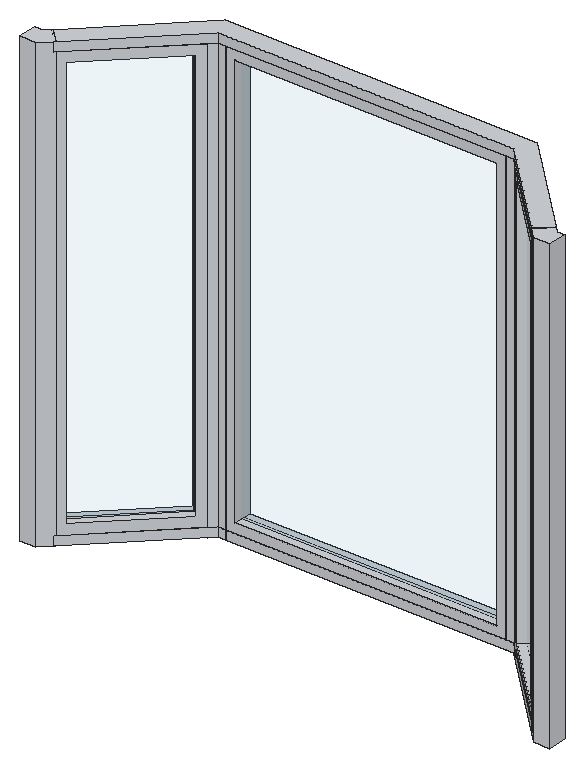
Revit family "W1_alu", category 窗, Revit 2014
Parameters (values of type "(50+100+50) x 145 cm")
  熱阻 (R) = 0.271106 (m²·K)/W
  Visual Light Transmittance = 0.9
  Solar Heat Gain Coefficient = 0.78
  營造類型 Id = "GSP4R"
  Height = 145 cm
  傳熱係數 (U) = 3.6886 W/(m²·K)
  預設窗台高度 = 105 cm
  關鍵註記 = "固定窗-矩形"
  Rough Height = Height  # 145 cm
  Rough Width = Width  # 100 cm
  玻璃材質 = 玻璃
  牆封閉 = 依主體
  Width = 100 cm
  裝飾外框材料 = none
  裝飾外框寬度 = 3 cm
  裝飾外框厚度 = 6 cm
  解析營造 = "1/8 英吋 Pilkington 單層鑲嵌玻璃"
Reference planes (cm)
  plane 1: y = 0
  plane 2 "中心 (左/右)": x = 0
  plane 3 "左": x = -50
  plane 4 "右": x = 50
  plane 5 "窗台": z = 105
  plane 6 "標頭": z = 250
  plane 7 "外部": y = 7.5
  plane 8 "內部": y = -7.5
  plane 9: x = 85
  plane 10: x = -85
  plane 11: through (54.5944, -4.5858, 100) normal (-0.7071, -0.7071, 0)
  plane 12: through (50.0086, 0, 100) normal (0.9239, -0.3827, 0)
  plane 13: through (-54.5944, -4.5858, 100) normal (-0.7071, 0.7071, 0)
  plane 14: through (-50.0086, 0, 100) normal (0.9239, 0.3827, 0)
  plane 15: through (-83.2322, -36.7591, 100) normal (0.7071, 0.7071, 0)
  plane 16: through (85, -34.9914, 100) normal (0.7071, -0.7071, 0)
  plane 17: through (87.1213, -37.1127, 100) normal (0.7071, -0.7071, 0)
  plane 18: through (-85.3536, -38.8805, 100) normal (0.7071, 0.7071, 0)
  plane 19: z = 247
  plane 20: z = 108
  plane 21: z = 177.5
  plane 22: through (54.5944, -4.5858, 85) normal (-0.7071, -0.7071, 0)
  plane 23: through (50.0086, 0, 85) normal (0.9239, -0.3827, 0)
  plane 24: through (-54.5944, -4.5858, 85) normal (-0.7071, 0.7071, 0)
  plane 25: through (-50.0086, 0, 85) normal (0.9239, 0.3827, 0)
  plane 26: through (85, -34.9914, 100) normal (-0.7071, -0.7071, 0)
  plane 27: y = -34.9914
  plane 28: through (-75.4056, -33.8823, 100) normal (0.7071, -0.7071, 0)
  plane 29: through (-79.9914, -38.468, 100) normal (-0.9239, -0.3827, 0)
  plane 30: y = -34.9914
  plane 31: through (-79.7132, -38.1899, 85) normal (0.7071, -0.7071, 0)
  plane 32: through (-84.299, -42.7756, 85) normal (-0.9239, -0.3827, 0)
  plane 33: through (79.7132, -38.1899, 100) normal (0.7071, 0.7071, 0)
  plane 34: through (79.9914, -38.468, 100) normal (-0.9239, 0.3827, 0)
  plane 35: through (79.7132, -38.1899, 85) normal (0.7071, 0.7071, 0)
  plane 36: through (84.299, -42.7756, 85) normal (-0.9239, 0.3827, 0)
Forms (cm)
  Extrusion 1, solid
    sketch origin (0, 0, 0) x (1, 0, 0) y (0, 1, 0)
      loop
        line (45, 0) -> (45, -6) -> (47.5233, -6) -> (49.3076, -7.7843) -> (53.5503, -3.5416) -> (50.0086, 0) -> (45, 0)
    from 247 to 105
  Extrusion 2, solid
    sketch origin (0, 0, 0) x (-1, 0, 0) y (0, -1, 0)
      loop
        line (45, 0) -> (50.0086, 0) -> (53.5503, 3.5416) -> (49.3076, 7.7843) -> (47.5233, 6) -> (45, 6) -> (45, 0)
    from 247 to 105
  Extrusion 3, solid
    sketch origin (0, 0, 0) x (1, 0, 0) y (0, 1, 0)
      loop
        line (-50.0086, 0) -> (-80.9546, -30.946) -> (-76.712, -35.1886) -> (-47.5233, -6) -> (47.5233, -6) -> (76.4497, -34.9264) -> (80.6924, -30.6838) -> (50.0086, 0) -> (-50.0086, 0)
    from 250 to 247
  Extrusion 4, solid
    sketch origin (0, 0, 0) x (1, 0, 0) y (0, 1, 0)
      loop
        line (-50.0086, 0) -> (-80.9546, -30.946) -> (-76.712, -35.1886) -> (-47.5233, -6) -> (47.5233, -6) -> (76.4497, -34.9264) -> (80.6924, -30.6838) -> (50.0086, 0) -> (-50.0086, 0)
    from 108 to 105
  Extrusion 5, solid, not visible
    sketch origin (0, 0, -15) x (1, 0, 0) y (0, 1, 0)
      loop
        line (45, 0) -> (45, -6) -> (47.5233, -6) -> (49.3076, -7.7843) -> (53.5503, -3.5416) -> (50.0086, 0) -> (45, 0)
    from 247 to 105
  Extrusion 6, solid, not visible
    sketch origin (0, 0, -15) x (-1, 0, 0) y (0, -1, 0)
      loop
        line (45, 0) -> (50.0086, 0) -> (53.5503, 3.5416) -> (49.3076, 7.7843) -> (47.5233, 6) -> (45, 6) -> (45, 0)
    from 247 to 105
  Extrusion 7, solid, not visible
    sketch origin (0, 0, -15) x (1, 0, 0) y (0, 1, 0)
      loop
        line (-85, -34.9914) -> (-87.1213, -37.1127) -> (-82.8787, -41.3553) -> (-80.7574, -39.234) -> (-85, -34.9914)
      loop
        line (85, -34.9914) -> (80.7574, -39.234) -> (82.8787, -41.3553) -> (87.1213, -37.1127) -> (85, -34.9914)
    from 247 to 105
  Extrusion 8, solid, not visible
    sketch origin (0, 0, -15) x (1, 0, 0) y (0, 1, 0)
      loop
        line (-50.0086, 0) -> (-87.1213, -37.1127) -> (-82.8787, -41.3553) -> (-47.5233, -6) -> (47.5233, -6) -> (82.8787, -41.3553) -> (87.1213, -37.1127) -> (50.0086, 0) -> (-50.0086, 0)
    from 250 to 247
  Extrusion 9, solid, not visible
    sketch origin (0, 0, -15) x (1, 0, 0) y (0, 1, 0)
      loop
        line (-50.0086, 0) -> (-87.1213, -37.1127) -> (-82.8787, -41.3553) -> (-47.5233, -6) -> (47.5233, -6) -> (82.8787, -41.3553) -> (87.1213, -37.1127) -> (50.0086, 0) -> (-50.0086, 0)
    from 108 to 105
  Extrusion 10, solid
    sketch origin (-134.3076, -42.7756, 0) x (1, 0, 0) y (0, 1, 0)
      loop
        line (49.3076, 4.3076) -> (54.3162, 4.3076) -> (57.8579, 7.8492) -> (53.6152, 12.0919) -> (51.831, 10.3076) -> (49.3076, 10.3076) -> (49.3076, 4.3076)
    from 250 to 105
  Extrusion 11, solid, not visible
    sketch origin (-134.3076, -42.7756, -15) x (1, 0, 0) y (0, 1, 0)
      loop
        line (45, 0) -> (50.0086, 0) -> (53.5503, 3.5416) -> (49.3076, 7.7843) -> (47.5233, 6) -> (45, 6) -> (45, 0)
    from 250 to 105
  Extrusion 12, solid
    sketch origin (134.3076, -42.7756, 0) x (-1, 0, 0) y (0, -1, 0)
      loop
        line (49.3076, -4.3076) -> (49.3076, -10.3076) -> (51.831, -10.3076) -> (53.6152, -12.0919) -> (57.8579, -7.8492) -> (54.3162, -4.3076) -> (49.3076, -4.3076)
    from 250 to 105
  Extrusion 13, solid, not visible
    sketch origin (134.3076, -42.7756, -15) x (-1, 0, 0) y (0, -1, 0)
      loop
        line (45, 0) -> (45, -6) -> (47.5233, -6) -> (49.3076, -7.7843) -> (53.5503, -3.5416) -> (50.0086, 0) -> (45, 0)
    from 250 to 105
Lines and regions (cm)
  Opening 1
    outline origin (350, -7.5, 0) x (1, 0, 0) y (0, 0, 1)
      loop
        line (-300, 105) -> (-300, 250) -> (-400, 250) -> (-400, 105) -> (-300, 105)
  Opening 2, not visible
    outline origin (-500, 7.5, 0) x (-1, 0, 0) y (0, 0, 1)
      loop
        line (-550, 90) -> (-450, 90) -> (-450, 235) -> (-550, 235) -> (-550, 90)
  symbolic lines
    curve 1: line (85, -26.3762, 0) -> (107.7629, -3.6133, 0)
    curve 2: line (-85, -26.9006, 0) -> (-108.2874, -3.6133, 0)
    curve 3: line (-82.8787, -24.7793, 0) -> (-106.1661, -1.4919, 0)
    curve 4: line (78.5711, -28.5624, 0) -> (105.6416, -1.4919, 0)
    curve 5: line (-106.1661, -1.4919, 0) -> (-108.2874, -3.6133, 0)
    curve 6: line (105.6416, -1.4919, 0) -> (107.7629, -3.6133, 0)
    curve 7: arc (57.1766, -7.1679, 0) -> (80.423, 4.0898, 0) -> (105.6416, -1.4919, 0) r 39.3483
    curve 8: arc (-60.8934, -3.5416, 0) -> (-83.2078, 4.594, 0) -> (-106.1661, -1.4919, 0) r 39.6259
  model lines
    curve 9: line (53.5503, -3.5416, 247) -> (80.7417, -30.7331, 177.6262)
    curve 10: line (80.7417, -30.7331, 177.6262) -> (53.5503, -3.5416, 108)
    curve 11: line (-53.5503, -3.5416, 247) -> (-80.9546, -30.946, 177.5)
    curve 12: line (-80.9546, -30.946, 177.5) -> (-53.5503, -3.5416, 108)
  model lines, not visible
    curve 13: line (53.5503, -3.5416, 232) -> (85, -34.9914, 162.5)
    curve 14: line (85, -34.9914, 162.5) -> (53.5503, -3.5416, 93)
    curve 15: line (-53.5503, -3.5416, 232) -> (-85, -34.9914, 162.5)
    curve 16: line (-85, -34.9914, 162.5) -> (-53.5503, -3.5416, 93)
Text (cm)
  text "外部" at (-196.3203, 133.2353, 0), in view "參考樓層"
  text "內部" at (-198.1466, -81.8386, 0), in view "參考樓層"
  text "外部" at (0, 92.3751, 294.3296), in view "右"
  text "外部" at (0, 104.0484, 268.5409), in view "左"
Dimensions and locks (cm)
  equal spacing: plane 3 "左", plane 2 "中心 (左/右)", plane 4 "右"
  "Width": plane 3 "左" to plane 4 "右"
  "Height": plane 5 "窗台" to plane 6 "標頭"
  "預設窗台高度": plane 5 "窗台" to level
  locked: plane 7 "外部" to host wall at 0
  locked: plane 8 "內部" to host wall
  plane 5 "窗台" to plane 20 = 3 cm
  plane 19 to plane 6 "標頭" = 3 cm
  equal spacing: plane 20, plane 21, plane 19
  aligned and locked: plane 1 to nested 1
  aligned and locked: nested 1 to Extrusion 2
  aligned and locked: nested 2 to curve 4
  aligned and locked: nested 3 to curve 3
  aligned and locked: nested 2 to curve 1
  aligned and locked: nested 3 to curve 2
  aligned and locked: plane 19 to nested 1  (x2)
  aligned and locked: plane 19 to nested 2  (x2)
  aligned and locked: plane 20 to nested 2
  aligned and locked: nested 3 to plane 19
Automatic sketch dimensions
  Opening 1 sketch curve to Opening 1 sketch curve = 100 cm
  Opening 1 sketch curve to Opening 1 sketch curve = 145 cm
  host wall to curve 2 = 3.6133 cm
  host wall to curve 1 = 3.6133 cm
  curve 2 to plane 10 = 0 cm
  curve 8 to plane 10 = 0 cm
  plane 26 to curve 7 = 0 cm
  plane 26 to curve 4 = 0 cm
  curve 7 to plane 9 = 0 cm
  curve 1 to plane 9 = 0 cm
  plane 16 to curve 7 = 0 cm
  curve 8 to plane 15 = 0 cm
  curve 3 to plane 10 = 2.1213 cm
  host wall to curve 8 = 3.5416 cm
  plane 12 to Extrusion 1 sketch curve = 0 cm  (x2)
  plane 11 to Extrusion 1 sketch curve = 0 cm  (x2)
  plane 12 to Extrusion 1 sketch curve = 2.3313 cm
  plane 11 to Extrusion 1 sketch curve = 6 cm
  Extrusion 1 sketch curve to Extrusion 1 sketch curve = 5.0086 cm
  plane 14 to Extrusion 2 sketch curve = 0 cm
  plane 13 to Extrusion 2 sketch curve = 0 cm  (x2)
  Extrusion 2 sketch curve to plane 14 = 0 cm
  Extrusion 2 sketch curve to plane 14 = 2.3313 cm
  Extrusion 2 sketch curve to plane 13 = 6 cm
  Extrusion 2 sketch curve to Extrusion 2 sketch curve = 5.0086 cm
  Extrusion 3 sketch curve to plane 27 = 4.0454 cm
  plane 27 to Extrusion 3 sketch curve = 0.1973 cm
  Extrusion 3 sketch curve to plane 27 = 34.9914 cm
  Extrusion 3 sketch curve to plane 27 = 28.9914 cm
  Extrusion 3 sketch curve to plane 27 = 0.065 cm
  Extrusion 3 sketch curve to plane 27 = 4.3076 cm
  Extrusion 3 sketch curve to Extrusion 3 sketch curve = 4.2426 cm
  Extrusion 3 sketch curve to Extrusion 3 sketch curve = 95.0467 cm
  Extrusion 3 sketch curve to Extrusion 3 sketch curve = 2.4853 cm
  Extrusion 4 sketch curve to plane 27 = 4.0454 cm
  plane 27 to Extrusion 4 sketch curve = 0.1973 cm
  Extrusion 4 sketch curve to plane 27 = 34.9914 cm
  Extrusion 4 sketch curve to plane 27 = 28.9914 cm
  Extrusion 4 sketch curve to plane 27 = 0.065 cm
  Extrusion 4 sketch curve to plane 27 = 4.3076 cm
  Extrusion 4 sketch curve to Extrusion 4 sketch curve = 4.2426 cm
  Extrusion 4 sketch curve to Extrusion 4 sketch curve = 95.0467 cm
  Extrusion 4 sketch curve to Extrusion 4 sketch curve = 2.4853 cm
  curve 10 to curve 9 = 79.5396 cm  (x2)
  curve 9 to curve 9 = 79.3188 cm  (x2)
  curve 12 to curve 11 = 79.5754 cm
  curve 11 to curve 11 = 79.5754 cm  (x2)
  curve 11 to curve 12 = 79.5754 cm
  Extrusion 10 sketch curve to plane 29 = 0 cm  (x2)
  plane 27 to Extrusion 10 sketch curve = 4.3076 cm
  Extrusion 10 sketch curve to plane 28 = 0 cm  (x2)
  plane 27 to Extrusion 10 sketch curve = 2.5233 cm
  Extrusion 10 sketch curve to Extrusion 10 sketch curve = 5.0086 cm
  Extrusion 12 sketch curve to plane 34 = 0 cm  (x2)
  Extrusion 12 sketch curve to plane 27 = 4.3076 cm
  Extrusion 12 sketch curve to plane 33 = 0 cm  (x2)
  Extrusion 12 sketch curve to plane 27 = 2.5233 cm
  Extrusion 12 sketch curve to Extrusion 12 sketch curve = 5.0086 cm
  Opening 2 sketch curve to Opening 2 sketch curve = 100 cm
  Opening 2 sketch curve to Opening 2 sketch curve = 145 cm
  plane 23 to Extrusion 5 sketch curve = 0 cm  (x2)
  plane 22 to Extrusion 5 sketch curve = 0 cm  (x2)
  plane 23 to Extrusion 5 sketch curve = 2.3313 cm
  plane 22 to Extrusion 5 sketch curve = 6 cm
  Extrusion 5 sketch curve to Extrusion 5 sketch curve = 5.0086 cm
  plane 25 to Extrusion 6 sketch curve = 0 cm
  plane 24 to Extrusion 6 sketch curve = 0 cm  (x2)
  Extrusion 6 sketch curve to plane 25 = 0 cm
  Extrusion 6 sketch curve to plane 25 = 2.3313 cm
  Extrusion 6 sketch curve to plane 24 = 6 cm
  Extrusion 6 sketch curve to Extrusion 6 sketch curve = 5.0086 cm
  plane 30 to Extrusion 7 sketch curve = 0 cm  (x2)
  plane 30 to Extrusion 7 sketch curve = 2.1213 cm
  plane 30 to Extrusion 7 sketch curve = 6.364 cm  (x2)
  plane 30 to Extrusion 7 sketch curve = 4.2426 cm
  Extrusion 7 sketch curve to Extrusion 7 sketch curve = 2.1213 cm  (x2)
  Extrusion 7 sketch curve to Extrusion 7 sketch curve = 161.5147 cm
  plane 30 to Extrusion 8 sketch curve = 2.1213 cm  (x2)
  plane 30 to Extrusion 8 sketch curve = 6.364 cm  (x2)
  Extrusion 8 sketch curve to plane 30 = 34.9914 cm
  Extrusion 8 sketch curve to plane 30 = 28.9914 cm
  Extrusion 8 sketch curve to Extrusion 8 sketch curve = 4.2426 cm
  Extrusion 8 sketch curve to Extrusion 8 sketch curve = 95.0467 cm
  Extrusion 8 sketch curve to Extrusion 8 sketch curve = 2.4853 cm
  plane 30 to Extrusion 9 sketch curve = 2.1213 cm  (x2)
  plane 30 to Extrusion 9 sketch curve = 6.364 cm  (x2)
  Extrusion 9 sketch curve to plane 30 = 34.9914 cm
  Extrusion 9 sketch curve to plane 30 = 28.9914 cm
  Extrusion 9 sketch curve to Extrusion 9 sketch curve = 4.2426 cm
  Extrusion 9 sketch curve to Extrusion 9 sketch curve = 95.0467 cm
  Extrusion 9 sketch curve to Extrusion 9 sketch curve = 2.4853 cm
  curve 14 to curve 13 = 44.4767 cm
  curve 13 to curve 13 = 44.4767 cm
  curve 14 to curve 13 = 69.5 cm
  curve 13 to curve 13 = 69.5 cm
  curve 16 to curve 15 = 44.4767 cm
  curve 15 to curve 15 = 44.4767 cm
  curve 15 to curve 15 = 69.5 cm
  curve 15 to curve 16 = 69.5 cm
  Extrusion 11 sketch curve to plane 32 = 0 cm  (x2)
  plane 30 to Extrusion 11 sketch curve = 0 cm
  Extrusion 11 sketch curve to plane 31 = 0 cm  (x2)
  Extrusion 11 sketch curve to plane 30 = 1.7843 cm
  Extrusion 11 sketch curve to Extrusion 11 sketch curve = 5.0086 cm
  Extrusion 13 sketch curve to Extrusion 13 sketch curve = 2.5233 cm
  Extrusion 13 sketch curve to Extrusion 13 sketch curve = 1.7843 cm  (x2)
  Extrusion 13 sketch curve to Extrusion 13 sketch curve = 5.0086 cm
  Extrusion 13 sketch curve to Extrusion 13 sketch curve = 3.5416 cm
  plane 3 "左" to Opening 1 sketch curve = 0 cm
  Opening 1 sketch curve to plane 5 "窗台" = 0 cm
  plane 18 to Extrusion 3 sketch curve = 8.721 cm
  plane 18 to Extrusion 4 sketch curve = 8.721 cm
  curve 10 to plane 20 = 0 cm
  curve 9 to plane 19 = 0 cm
  plane 21 to curve 10 = 0.1262 cm
  curve 10 to plane 16 = 44.4767 cm
  curve 9 to plane 16 = 44.4767 cm
  curve 10 to plane 16 = 6.0222 cm
  curve 12 to plane 20 = 0 cm
  curve 11 to plane 19 = 0 cm
  curve 11 to plane 21 = 0 cm
  plane 15 to curve 12 = 44.4767 cm
  plane 15 to curve 11 = 44.4767 cm
  plane 15 to curve 12 = 5.721 cm
Nested families (cm)
  nested 1: "窗框" at (-26.7428, 91.9367, 8), type "窗框"
    with Height 139 cm, Width 90 cm, 裝飾外框寬度 3 cm
  nested 2: "窗框" at (113.4765, 66.5502, 8) x (0.7071, -0.7071, 0) z (0, 0, 1), type "窗框"
    with Height 139 cm, Width 37.6604 cm, 裝飾外框寬度 3 cm
  nested 3: "窗框" at (-113.3515, 66.6752, 8) x (-0.7071, -0.7071, 0) z (0, 0, 1), type "窗框"
    with Height 139 cm, Width 38.7556 cm, 裝飾外框寬度 3 cm
  nested 4: "窗框" at (-26.7428, 91.9367, -7), type "窗框", not visible
    with Height 139 cm, Width 90 cm, 裝飾外框寬度 3 cm
  nested 5: "窗框" at (115.3742, 64.6526, -7) x (0.7071, -0.7071, 0) z (0, 0, 1), type "窗框", not visible
    with Height 139 cm, Width 44.4767 cm, 裝飾外框寬度 3 cm
  nested 6: "窗框" at (-115.3742, 64.6526, -7) x (-0.7071, -0.7071, 0) z (0, 0, 1), type "窗框", not visible
    with Height 139 cm, Width 44.4767 cm, 裝飾外框寬度 3 cm
Definition of nested family "窗框"
  Parameters (values of type "窗框")
    Height [instance] = 50 cm
    護桿寬度 = 2 cm
    護桿厚度 = 1 cm
    Analytic Construction = "<無>"
    Rough Height = 50 cm
    Rough Width = 60 cm
    Width [instance] = 60 cm
    裝飾外框材料 = none
    玻璃材質 = 玻璃
    玻璃厚度 = 1 cm
    裝飾外框寬度 = 6 cm
    裝飾外框厚度 = 6 cm
    Assembly Code = ""
  Reference planes (cm)
    plane 1 "中心 (前/後)": y = -91.9367
    plane 2: z = 0
    plane 3 "中心 (左/右)": x = 26.7428
    plane 4 "玻璃-上": y = -94.4367
    plane 5 "玻璃-下": y = -95.4367
    plane 6: y = -97.9367
    plane 7: x = -3.2572
    plane 8: x = 56.7428
    plane 9: x = 2.7428
    plane 10: x = 50.7428
    plane 11: z = 144
    plane 12: z = 150
    plane 13: z = 106
    plane 14: z = 100
    plane 15: y = -94.9367
  Forms (cm)
    Extrusion 1, solid, material "玻璃" <- "玻璃材質"
      sketch origin (-149.9274, -94.9367, 120) x (-1, 0, 0) y (0, 0, 1)
        loop
          line (-152.6702, 24) -> (-200.6702, 24) -> (-200.6702, -14) -> (-152.6702, -14) -> (-152.6702, 24)
      from -0.5 to 0.5
    Extrusion 2, solid, material <- "裝飾外框材料"
      sketch origin (-149.9274, -94.9367, 120) x (-1, 0, 0) y (0, 0, 1)
        loop
          line (-146.6702, 30) -> (-206.6702, 30) -> (-206.6702, -20) -> (-146.6702, -20) -> (-146.6702, 30)
        loop
          line (-152.6702, 24) -> (-200.6702, 24) -> (-200.6702, -14) -> (-152.6702, -14) -> (-152.6702, 24)
      from -3 to 3
  Dimensions and locks (cm)
    equal spacing: plane 10, plane 3 "中心 (左/右)", plane 9
    "裝飾外框寬度": plane 8 to plane 10
    "裝飾外框寬度": plane 9 to plane 7
    "裝飾外框寬度": plane 12 to plane 11
    "Width": plane 8 to plane 7
    "裝飾外框寬度": plane 13 to plane 14
    "Height": plane 12 to plane 14
    plane 14 to level = 100 cm
    equal spacing: plane 4 "玻璃-上", plane 15, plane 5 "玻璃-下"
    "玻璃厚度": plane 4 "玻璃-上" to plane 5 "玻璃-下"
    equal spacing: plane 6, plane 15, plane 1 "中心 (前/後)"
    "裝飾外框厚度": plane 6 to plane 1 "中心 (前/後)"
    aligned and locked: Extrusion 1 sketch curve to plane 11
    aligned and locked: plane 9 to Extrusion 1 sketch curve
    aligned and locked: Extrusion 1 sketch curve to plane 10
    aligned and locked: plane 13 to Extrusion 1 sketch curve
    aligned and locked: plane 7 to Extrusion 2 sketch curve
    aligned and locked: Extrusion 2 sketch curve to plane 12
    aligned and locked: Extrusion 2 sketch curve to plane 8
    aligned and locked: plane 9 to Extrusion 2 sketch curve
    aligned and locked: plane 13 to Extrusion 2 sketch curve
    aligned and locked: Extrusion 2 sketch curve to plane 10
    aligned and locked: Extrusion 2 sketch curve to plane 11
    aligned and locked: Extrusion 2 sketch curve to plane 14
    aligned and locked: plane 2 to level
    aligned and locked: plane 6 to Extrusion 2
    aligned and locked: plane 1 "中心 (前/後)" to Extrusion 2
    aligned and locked: plane 5 "玻璃-下" to Extrusion 1
    aligned and locked: plane 4 "玻璃-上" to Extrusion 1
